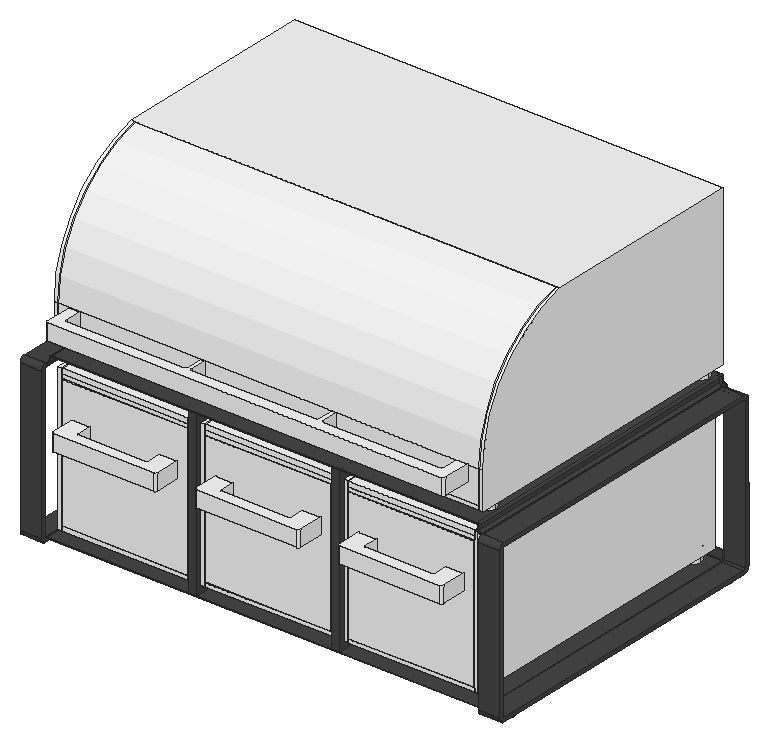
Revit family "QF_Vollrath_NBCBB33F-06", category Specialty Equipment, Revit 2016
Family settings
  Part Type = Normal
  Round Connector Dimension = Use Diameter
  OmniClass Number = 23.40.40.00
  OmniClass Title = Food Service Equipment and Furnishings
  Work Plane-Based = Yes
  Always vertical = Yes
  Cut with Voids When Loaded = No
  Shared = No
  Room Calculation Point = No
Parameters
  Width = 22 3/8"
  Weight in Pounds = 0
  Watermarked By = ""
  URL Cutsheet = ""
  Specification by User [instance] = ""
  Specification by Manufacturer [instance] = ""
  Serial Number [instance] = ""
  Revision Code [instance] = ""
  NAFEM Spec ID Number [instance] = ""
  Model = "NBCBB33F-06"
  Masterspec [instance] = ""
  Manufacturer = "Vollrath"
  Item Number [instance] = "-"
  Installed By [instance] = ""
  Height = 7 7/8"
  Furnished By [instance] = ""
  Foodservice Equipment Identifier = yes
  Description = "Set 1 Nose Case & 1 - 3 Full Drawer with Frame"
  Depth = 14 1/2"
  Default Elevation = 48"
  CSI MasterFormat = ""
Reference planes (in)
  plane 1 "BACK": y = 0
  plane 2 "BOTTOM": z = 0
  plane 3 "LEFT": x = -16.56573
  plane 4 "RIGHT": x = 5.80927
  plane 5 "Front Inner": y = -14.5
  plane 6 "Bottom of Body": z = 0.16
  plane 7 "TOP": z = 8.035
  plane 8: z = 5.305
  plane 9 "Bottom Handle": z = 4.555
  plane 10 "Caster Left": x = -16.06573
  plane 11 "Caster Right": x = 5.30927
  plane 12 "Caster Back": y = -0.75
  plane 13 "Caster Front": y = -13.5
  plane 14 "Center LR": x = -5.37823
  plane 15 "L1": x = -15.56573
  plane 16: x = 4.80927
  plane 17: z = 0.25
  plane 18: z = 15.79
Forms (in)
  Blend 1, solid, material "QF_Plastic-White-Transparent"
    base sketch origin (0, 0, 0) x (1, 0, 0) y (0, 1, 0)
      loop
        circle (-16.06573, -0.75) r 0.35
    top sketch origin (0, 0, 0) x (1, 0, 0) y (0, 1, 0)
      loop
        circle (-16.06573, -0.75) r 0.38
    from 0 to 0.16
  Blend 2, solid, material "QF_Plastic-White-Transparent"
    base sketch origin (0, 0, 0) x (1, 0, 0) y (0, 1, 0)
      loop
        circle (5.30927, -0.75) r 0.35
    top sketch origin (0, 0, 0) x (1, 0, 0) y (0, 1, 0)
      loop
        circle (5.30927, -0.75) r 0.38
    from 0 to 0.16
  Blend 3, solid, material "QF_Plastic-White-Transparent"
    base sketch origin (0, 0, 0) x (1, 0, 0) y (0, 1, 0)
      loop
        circle (-16.06573, -13.5) r 0.35
    top sketch origin (0, 0, 0) x (1, 0, 0) y (0, 1, 0)
      loop
        circle (-16.06573, -13.5) r 0.38
    from 0 to 0.16
  Blend 4, solid, material "QF_Plastic-White-Transparent"
    base sketch origin (0, 0, 0) x (1, 0, 0) y (0, 1, 0)
      loop
        circle (5.30927, -13.5) r 0.35
    top sketch origin (0, 0, 0) x (1, 0, 0) y (0, 1, 0)
      loop
        circle (5.30927, -13.5) r 0.38
    from 0 to 0.16
  Extrusion 5, solid, material "QF_Steel-Paint Finish-Black"
    sketch origin (-16.56573, 0, 0) x (0, 1, 0) y (0, 0, 1)
      loop
        arc (-0.25, 0.16) -> (-0.07322, 0.23322) -> (0, 0.41) r 0.25
        line (0, 0.41) -> (0, 7.41)
        arc (0, 7.41) -> (-0.07322, 7.58678) -> (-0.25, 7.66) r 0.25
        line (-0.25, 7.66) -> (-14.25, 7.66)
        arc (-14.25, 7.66) -> (-14.42678, 7.58678) -> (-14.5, 7.41) r 0.25
        line (-14.5, 7.41) -> (-14.5, 0.41)
        arc (-14.5, 0.41) -> (-14.42678, 0.23322) -> (-14.25, 0.16) r 0.25
        line (-14.25, 0.16) -> (-0.25, 0.16)
      loop
        arc (-0.17187, 7.41) -> (-0.19476, 7.46524) -> (-0.25, 7.48813) r 0.07813
        line (-0.25, 7.48813) -> (-14.25, 7.48813)
        arc (-14.25, 7.48813) -> (-14.30524, 7.46524) -> (-14.32813, 7.41) r 0.07813
        line (-14.32813, 7.41) -> (-14.32813, 0.41)
        arc (-14.32813, 0.41) -> (-14.30524, 0.35476) -> (-14.25, 0.33187) r 0.07813
        line (-14.25, 0.33187) -> (-0.25, 0.33187)
        arc (-0.25, 0.33187) -> (-0.19476, 0.35476) -> (-0.17187, 0.41) r 0.07813
        line (-0.17187, 0.41) -> (-0.17187, 7.41)
    from 0 to 1
  Extrusion 6, solid, material "QF_Steel-Paint Finish-Black"
    sketch origin (5.80927, 0, 0) x (0, 1, 0) y (0, 0, 1)
      loop
        line (-14.25, 0.16) -> (-0.25, 0.16)
        arc (-0.25, 0.16) -> (-0.07322, 0.23322) -> (0, 0.41) r 0.25
        line (0, 0.41) -> (0, 7.41)
        arc (0, 7.41) -> (-0.07322, 7.58678) -> (-0.25, 7.66) r 0.25
        line (-0.25, 7.66) -> (-14.25, 7.66)
        arc (-14.25, 7.66) -> (-14.42678, 7.58678) -> (-14.5, 7.41) r 0.25
        line (-14.5, 7.41) -> (-14.5, 0.41)
        arc (-14.5, 0.41) -> (-14.42678, 0.23322) -> (-14.25, 0.16) r 0.25
      loop
        line (-14.25, 0.33187) -> (-0.25, 0.33187)
        arc (-0.25, 0.33187) -> (-0.19476, 0.35476) -> (-0.17188, 0.41) r 0.07813
        line (-0.17188, 0.41) -> (-0.17188, 7.41)
        arc (-0.17188, 7.41) -> (-0.19476, 7.46524) -> (-0.25, 7.48813) r 0.07813
        line (-0.25, 7.48813) -> (-14.25, 7.48813)
        arc (-14.25, 7.48813) -> (-14.30524, 7.46524) -> (-14.32812, 7.41) r 0.07813
        line (-14.32812, 7.41) -> (-14.32812, 0.41)
        arc (-14.32812, 0.41) -> (-14.30524, 0.35476) -> (-14.25, 0.33187) r 0.07813
    from 0 to -1
  Extrusion 7, solid, material "QF_Steel-Paint Finish-Black"
    sketch origin (-15.56573, 0, 0) x (0, 1, 0) y (0, 0, 1)
      loop
        arc (-0.25, 0.33187) -> (-0.19476, 0.35476) -> (-0.17187, 0.41) r 0.07813
        line (-0.17187, 0.41) -> (-0.17187, 0.83187) -> (-0.21187, 0.83187) -> (-0.21187, 0.41)
        arc (-0.21187, 0.41) -> (-0.22304, 0.38304) -> (-0.25, 0.37187) r 0.03813
        line (-0.25, 0.37187) -> (-14.25, 0.37187) -> (-14.25, 0.33187) -> (-0.25, 0.33187)
    from 0 to 20.375
  Extrusion 8, solid, material "QF_Steel-Paint Finish-Black"
    sketch origin (0, 0, 0) x (1, 0, 0) y (0, 0, 1)
      loop
        arc (-15.29573, 8.035) -> (-15.36644, 8.00571) -> (-15.39573, 7.935) r 0.1
        line (-15.39573, 7.935) -> (-15.39573, 7.76)
        arc (-15.39573, 7.76) -> (-15.42501, 7.68929) -> (-15.49573, 7.66) r 0.1
        line (-15.49573, 7.66) -> (-15.56573, 7.66) -> (-15.56573, 7.62) -> (-15.49573, 7.62)
        arc (-15.49573, 7.62) -> (-15.39673, 7.66101) -> (-15.35573, 7.76) r 0.14
        line (-15.35573, 7.76) -> (-15.35573, 7.935)
        arc (-15.35573, 7.935) -> (-15.33815, 7.97743) -> (-15.29573, 7.995) r 0.06
        line (-15.29573, 7.995) -> (4.53927, 7.995)
        arc (4.53927, 7.995) -> (4.5817, 7.97743) -> (4.59927, 7.935) r 0.06
        line (4.59927, 7.935) -> (4.59927, 7.76)
        arc (4.59927, 7.76) -> (4.64028, 7.66101) -> (4.73927, 7.62) r 0.14
        line (4.73927, 7.62) -> (4.80927, 7.62) -> (4.80927, 7.66) -> (4.73927, 7.66)
        arc (4.73927, 7.66) -> (4.66856, 7.68929) -> (4.63927, 7.76) r 0.1
        line (4.63927, 7.76) -> (4.63927, 7.935)
        arc (4.63927, 7.935) -> (4.60999, 8.00571) -> (4.53927, 8.035) r 0.1
        line (4.53927, 8.035) -> (-15.29573, 8.035)
    from 0.25 to 14.25
  Extrusion 9, solid, material "QF_Steel-Paint Finish-Black"
    sketch origin (-15.56573, 0, 0) x (0, 1, 0) y (0, 0, 1)
      loop
        line (-0.25, 8.035) -> (-0.25, 7.995) -> (-0.04, 7.995) -> (-0.04, 7.535) -> (0, 7.535) -> (0, 7.997)
        arc (0, 7.997) -> (-0.01113, 8.02387) -> (-0.038, 8.035) r 0.038
        line (-0.038, 8.035) -> (-0.25, 8.035)
    from 0 to 20.375
  Extrusion 10, void
    sketch origin (0, 0, 0) x (1, 0, 0) y (0, 0, 1)
      loop
        arc (-15.49573, 7.66) -> (-15.42501, 7.68929) -> (-15.39573, 7.76) r 0.1
        line (-15.39573, 7.76) -> (-15.39573, 7.935)
        arc (-15.39573, 7.935) -> (-15.36644, 8.00571) -> (-15.29573, 8.035) r 0.1
        line (-15.29573, 8.035) -> (-15.56573, 8.035) -> (-15.56573, 7.66) -> (-15.49573, 7.66)
      loop
        line (4.73927, 7.66) -> (4.80927, 7.66) -> (4.80927, 8.035) -> (4.53927, 8.035)
        arc (4.53927, 8.035) -> (4.60999, 8.00571) -> (4.63927, 7.935) r 0.1
        line (4.63927, 7.935) -> (4.63927, 7.76)
        arc (4.63927, 7.76) -> (4.66856, 7.68929) -> (4.73927, 7.66) r 0.1
    from 0 to 1
  Extrusion 11, solid, material "QF_Steel-Paint Finish-Black"
    sketch origin (0, -14.5, 0) x (1, 0, 0) y (0, 0, 1)
      loop
        line (-2.21323, 0.37187) -> (-1.86166, 0.37187) -> (-1.86166, 7.995) -> (-2.21323, 7.995) -> (-2.21323, 0.37187)
      loop
        line (-8.54323, 0.37187) -> (-8.54323, 7.995) -> (-8.89479, 7.995) -> (-8.89479, 0.37187) -> (-8.54323, 0.37187)
    from -0.25 to -14.32813
Cuts and joins
  Extrusion 10 cuts Extrusion 8
  Extrusion 10 cuts Extrusion 9
  joined: Extrusion 8, Extrusion 9
Lines and regions (in)
  symbolic lines
    curve 1: line (-16.56573, 0, 0) -> (5.80927, 0, 0)
    curve 2: line (-16.56573, -14.5, 0) -> (-16.56573, 0, 0)
    curve 3: line (5.80927, 0, 0) -> (5.80927, -14.5, 0)
    curve 6: line (-16.56573, -14.5, 0) -> (-15.56573, -14.5, 0)
    curve 7: line (5.80927, -14.5, 0) -> (4.80927, -14.5, 0)
  symbolic lines, style "QF_Details_Surface"
    curve 4: line (-15.56573, -14.5, 0) -> (-15.56573, 0, 0)
    curve 5: line (4.80927, 0, 0) -> (4.80927, -14.5, 0)
    curve 8: line (-15.56573, -14.25, 0) -> (4.80927, -14.25, 0)
Dimensions and locks (in)
  "Width": plane 3 "LEFT" to plane 4 "RIGHT"
  "Depth": plane 5 "Front Inner" to plane 1 "BACK"
  locked: plane 6 "Bottom of Body" to plane 2 "BOTTOM" at 0.16
  "Height": plane 7 "TOP" to plane 6 "Bottom of Body"
  plane 7 "TOP" to plane 8 = 2.73"
  locked: plane 8 to plane 9 "Bottom Handle" at 0.75
  locked: plane 12 "Caster Back" to plane 1 "BACK" at 0.75
  locked: plane 5 "Front Inner" to plane 13 "Caster Front" at 1
  equal spacing: plane 3 "LEFT", plane 14 "Center LR", plane 4 "RIGHT"
  locked: plane 3 "LEFT" to plane 15 "L1" at 1
  locked: plane 16 to plane 4 "RIGHT" at 1
  equal spacing: plane 3 "LEFT", plane 10 "Caster Left", plane 15 "L1"
  equal spacing: plane 16, plane 11 "Caster Right", plane 4 "RIGHT"
  locked: plane 17 to plane 2 "BOTTOM" at 0.25
  plane 15 "L1" to plane 14 "Center LR" = 10 3/16"
  plane 14 "Center LR" to plane 16 = 10 3/16"
  plane 18 to plane 2 "BOTTOM" = 15.79"
  plane 18 to plane 6 "Bottom of Body" = 15.63"
  aligned and locked: level to plane 2 "BOTTOM"
  aligned and locked: plane 6 "Bottom of Body" to Blend 1
  aligned and locked: plane 6 "Bottom of Body" to Blend 2
  aligned and locked: plane 6 "Bottom of Body" to Blend 3
  aligned and locked: plane 6 "Bottom of Body" to Blend 4
  aligned and locked: Extrusion 5 sketch curve to plane 5 "Front Inner"
  aligned and locked: Extrusion 5 sketch curve to plane 6 "Bottom of Body"
  aligned and locked: plane 1 "BACK" to Extrusion 5 sketch curve
  aligned and locked: plane 16 to Extrusion 7
  aligned and locked: plane 16 to Extrusion 8 sketch curve
  aligned and locked: plane 15 "L1" to Extrusion 8 sketch curve
  aligned and locked: plane 16 to Extrusion 9
  aligned and locked: curve 4 to Extrusion 5
  aligned and locked: curve 5 to Extrusion 6
  aligned and locked: curve 6 to Extrusion 5
  aligned and locked: curve 7 to Extrusion 6
  aligned and locked: curve 8 to Extrusion 7
  aligned and locked: Extrusion 11 sketch curve to Extrusion 7
  aligned and locked: plane 14 "Center LR" to nested 2
  aligned and locked: plane 14 "Center LR" to nested 4
Automatic sketch dimensions
  Blend 1 sketch curve to plane 10 "Caster Left" = 0"  (x2)
  plane 12 "Caster Back" to Blend 1 sketch curve = 0"  (x2)
  Blend 2 sketch curve to plane 11 "Caster Right" = 0"  (x2)
  plane 12 "Caster Back" to Blend 2 sketch curve = 0"  (x2)
  Blend 3 sketch curve to plane 10 "Caster Left" = 0"  (x2)
  plane 13 "Caster Front" to Blend 3 sketch curve = 0"  (x2)
  Blend 4 sketch curve to plane 11 "Caster Right" = 0"  (x2)
  plane 13 "Caster Front" to Blend 4 sketch curve = 0"  (x2)
  Extrusion 5 sketch curve to plane 5 "Front Inner" = 1/4"  (x2)
  plane 1 "BACK" to Extrusion 5 sketch curve = 1/4"  (x2)
  Extrusion 5 sketch curve to plane 7 "TOP" = 5/8"
  Extrusion 5 sketch curve to Extrusion 5 sketch curve = 0"  (x7)
  Extrusion 5 sketch curve to plane 5 "Front Inner" = 11/64"
  Extrusion 6 sketch curve to Extrusion 6 sketch curve = 0"  (x8)
  Extrusion 6 sketch curve to plane 5 "Front Inner" = 0"
  Extrusion 6 sketch curve to plane 6 "Bottom of Body" = 0"
  Extrusion 6 sketch curve to plane 1 "BACK" = 0"
  Extrusion 6 sketch curve to Extrusion 6 sketch curve = 11/64"
  Extrusion 6 sketch curve to plane 5 "Front Inner" = 1/4"
  Extrusion 6 sketch curve to Extrusion 6 sketch curve = 5/64"  (x2)
  plane 1 "BACK" to Extrusion 6 sketch curve = 1/4"
  Extrusion 6 sketch curve to plane 7 "TOP" = 5/8"
  Extrusion 7 sketch curve to Extrusion 7 sketch curve = 0"  (x2)
  plane 1 "BACK" to Extrusion 7 sketch curve = 1/4"
  plane 1 "BACK" to Extrusion 7 sketch curve = 0.21187"
  Extrusion 7 sketch curve to Extrusion 7 sketch curve = 0.04"
  plane 17 to Extrusion 7 sketch curve = 0.08188"
  Extrusion 7 sketch curve to Extrusion 7 sketch curve = 27/64"
  Extrusion 7 sketch curve to plane 5 "Front Inner" = 1/4"
  Extrusion 8 sketch curve to Extrusion 8 sketch curve = 0"  (x8)
  Extrusion 8 sketch curve to plane 7 "TOP" = 0"
  plane 15 "L1" to Extrusion 8 sketch curve = 0.07"
  Extrusion 8 sketch curve to Extrusion 8 sketch curve = 0.1"
  Extrusion 8 sketch curve to Extrusion 8 sketch curve = 0.04"
  Extrusion 8 sketch curve to Extrusion 8 sketch curve = 0.06"  (x2)
  Extrusion 8 sketch curve to plane 16 = 0.27"
  Extrusion 8 sketch curve to plane 16 = 0.07"
  Extrusion 8 sketch curve to Extrusion 8 sketch curve = 0.175"  (x2)
  Extrusion 9 sketch curve to plane 7 "TOP" = 0"
  Extrusion 9 sketch curve to plane 1 "BACK" = 0"
  plane 1 "BACK" to Extrusion 9 sketch curve = 0.038"
  Extrusion 9 sketch curve to Extrusion 9 sketch curve = 0.002"  (x2)
  Extrusion 9 sketch curve to Extrusion 9 sketch curve = 0.46"
  Extrusion 9 sketch curve to Extrusion 9 sketch curve = 0.212"
  Extrusion 10 sketch curve to plane 15 "L1" = 0"
  Extrusion 10 sketch curve to plane 7 "TOP" = 0"  (x3)
  Extrusion 10 sketch curve to plane 16 = 0"
  plane 15 "L1" to Extrusion 10 sketch curve = 0.07"
  Extrusion 10 sketch curve to plane 7 "TOP" = 0.1"  (x2)
  plane 15 "L1" to Extrusion 10 sketch curve = 0.17"
  Extrusion 10 sketch curve to plane 16 = 0.27"
  Extrusion 10 sketch curve to plane 16 = 0.07"
  Extrusion 10 sketch curve to Extrusion 10 sketch curve = 0.175"  (x2)
  Extrusion 10 sketch curve to Extrusion 10 sketch curve = 0"
  plane 1 "BACK" to curve 1 = 0"
  curve 1 to plane 3 "LEFT" = 0"
  curve 3 to plane 4 "RIGHT" = 0"
  plane 17 to Extrusion 11 sketch curve = 0.12187"
  Extrusion 11 sketch curve to Extrusion 11 sketch curve = 45/128"  (x2)
  Extrusion 11 sketch curve to plane 7 "TOP" = 0.04"  (x2)
  Extrusion 11 sketch curve to plane 14 "Center LR" = 3.165"
  plane 14 "Center LR" to Extrusion 11 sketch curve = 3.165"
  radius of Blend 1 sketch curve = 0.35"
  radius of Blend 1 sketch curve = 0.38"
  radius of Blend 2 sketch curve = 0.35"
  radius of Blend 2 sketch curve = 0.38"
  radius of Blend 3 sketch curve = 0.35"
  radius of Blend 3 sketch curve = 0.38"
  radius of Blend 4 sketch curve = 0.35"
  radius of Blend 4 sketch curve = 0.38"
Nested families (in)
  nested 1: "QF_Vollrath_SSB13F-06_Case" at (1.38094, -0.20813, 0.37187), type "QF_Vollrath_SSB13F-06_Case"
    with Width 6 1/4", Specification by User "", Specification by Manufacturer "", Serial Number "", Revision Code "", NAFEM Spec ID Number "", Masterspec "", Item Number "-", Installed By "", Height 6.78", Furnished By "", Depth 13.82"
  nested 2: "QF_Vollrath_SSB13F-06_Case" at (8.0625, -0.20781, 0.37187), type "QF_Vollrath_SSB13F-06_Case"
    with Width 6 1/4", Specification by User "", Specification by Manufacturer "", Serial Number "", Revision Code "", NAFEM Spec ID Number "", Masterspec "", Item Number "-", Installed By "", Height 6 25/32", Furnished By "", Depth 13 105/128"
  nested 3: "QF_Vollrath_SSB13F-06_Case" at (14.74406, -0.20781, 0.37188), type "QF_Vollrath_SSB13F-06_Case"
    with Width 6 1/4", Specification by User "", Specification by Manufacturer "", Serial Number "", Revision Code "", NAFEM Spec ID Number "", Masterspec "", Item Number "-", Installed By "", Height 6 25/32", Furnished By "", Depth 13 105/128"
  nested 4: "QF_Vollrath_ANBCF-06_Case" at (1.1875, 0, 8.035), type "QF_Vollrath_ANBCF-06_Case"
    with Specification by User "", Specification by Manufacturer "", Serial Number "", Revision Code "", NAFEM Spec ID Number "", Masterspec "", Item Number "-", Installed By "", Furnished By ""
Definition of nested family "QF_Vollrath_SSB13F-06_Case"
  Parameters
    Width [instance] = 6 3/8"
    Weight in Pounds = 0
    Watermarked By = ""
    URL Cutsheet = ""
    Specification by User [instance] = ""
    Specification by Manufacturer [instance] = ""
    Serial Number [instance] = ""
    Revision Code [instance] = ""
    NAFEM Spec ID Number [instance] = ""
    Model = ""
    Masterspec [instance] = ""
    Manufacturer = ""
    Item Number [instance] = "-"
    Installed By [instance] = ""
    Height [instance] = 6.91"
    Furnished By [instance] = ""
    Foodservice Equipment Identifier = yes
    Description = ""
    Depth [instance] = 14"
    Default Elevation = 48"
    CSI MasterFormat = ""
  Reference planes (in)
    plane 1 "BACK": y = 0
    plane 2 "BOTTOM": z = 0
    plane 3 "LEFT": x = -16.56573
    plane 4 "RIGHT": x = -10.19073
    plane 5 "Front Inner": y = -14
    plane 6 "FRONT": y = -15.2462
    plane 7 "Bottom of Body": z = 0.38
    plane 8 "TOP": z = 7.29
    plane 9: z = 5.305
    plane 10 "Bottom Handle": z = 4.555
    plane 11 "Caster Left": x = -16.00573
    plane 12 "Caster Right": x = -10.75073
    plane 13 "Caster Back": y = -0.56
    plane 14 "Caster Front": y = -13
    plane 15 "Center LR": x = -13.37823
    plane 16: x = -15.81573
    plane 17: x = -10.94073
    plane 18: x = -15.00573
    plane 19: x = -11.75073
    plane 20: y = -7
  Forms (in)
    Extrusion 1, solid
      sketch origin (0, 0, 0) x (1, 0, 0) y (0, 0, 1)
        loop
          line (-16.56573, 7.29) -> (-16.56573, 0.38) -> (-16.39573, 0.38) -> (-16.39573, 7.29) -> (-16.56573, 7.29)
      from 0 to 14
    Extrusion 2, solid
      sketch origin (0, 0, 0) x (1, 0, 0) y (0, 0, 1)
        loop
          line (-10.19073, 7.29) -> (-10.36073, 7.29) -> (-10.36073, 0.38) -> (-10.19073, 0.38) -> (-10.19073, 7.29)
      from 0 to 14
    Extrusion 3, solid
      sketch origin (0, 0, 0) x (1, 0, 0) y (0, 0, 1)
        loop
          line (-16.39573, 0.38) -> (-10.36073, 0.38) -> (-10.36073, 0.55) -> (-16.39573, 0.55) -> (-16.39573, 0.38)
      from 0 to 14
    Extrusion 4, solid
      sketch origin (0, 0, 0) x (1, 0, 0) y (0, 0, 1)
        loop
          line (-16.39573, 7.29) -> (-16.39573, 7.04) -> (-10.36073, 7.04) -> (-10.36073, 7.29) -> (-16.39573, 7.29)
      from 0 to 14
    Extrusion 5, solid
      sketch origin (0, 0, 0) x (1, 0, 0) y (0, 0, 1)
        loop
          line (-16.39573, 7.04) -> (-16.39573, 6.87) -> (-10.36073, 6.87) -> (-10.36073, 7.04) -> (-16.39573, 7.04)
      from 0 to 14
    Extrusion 6, solid
      sketch origin (0, 0, 0) x (1, 0, 0) y (0, 0, 1)
        loop
          line (-10.36073, 6.87) -> (-16.39573, 6.87) -> (-16.39573, 0.55) -> (-10.36073, 0.55) -> (-10.36073, 6.87)
      from 0 to 0.17
    Extrusion 7, solid
      sketch origin (0, -14, 0) x (1, 0, 0) y (0, 0, 1)
        loop
          arc (-10.42073, 0.58) -> (-10.39951, 0.58879) -> (-10.39073, 0.61) r 0.03
          line (-10.39073, 0.61) -> (-10.39073, 6.81)
          arc (-10.39073, 6.81) -> (-10.39951, 6.83121) -> (-10.42073, 6.84) r 0.03
          line (-10.42073, 6.84) -> (-16.33573, 6.84)
          arc (-16.33573, 6.84) -> (-16.35694, 6.83121) -> (-16.36573, 6.81) r 0.03
          line (-16.36573, 6.81) -> (-16.36573, 0.61)
          arc (-16.36573, 0.61) -> (-16.35694, 0.58879) -> (-16.33573, 0.58) r 0.03
          line (-16.33573, 0.58) -> (-10.42073, 0.58)
      from 0 to -0.17
    Extrusion 8, solid
      sketch origin (0, -14, 0) x (1, 0, 0) y (0, 0, 1)
        loop
          line (-16.36573, 4.175) -> (-16.36573, 0.61)
          arc (-16.36573, 0.61) -> (-16.35694, 0.58879) -> (-16.33573, 0.58) r 0.03
          line (-16.33573, 0.58) -> (-10.42073, 0.58)
          arc (-10.42073, 0.58) -> (-10.39951, 0.58879) -> (-10.39073, 0.61) r 0.03
          line (-10.39073, 0.61) -> (-10.39073, 4.175) -> (-10.56073, 4.175) -> (-10.56073, 0.75) -> (-16.19573, 0.75) -> (-16.19573, 4.175) -> (-16.36573, 4.175)
      from -0.17 to -13.44
    Extrusion 9, solid
      sketch origin (0, -0.56, 0) x (1, 0, 0) y (0, 0, 1)
        loop
          line (-10.39073, 4.555) -> (-16.36573, 4.555) -> (-16.36573, 0.61)
          arc (-16.36573, 0.61) -> (-16.35694, 0.58879) -> (-16.33573, 0.58) r 0.03
          line (-16.33573, 0.58) -> (-10.42073, 0.58)
          arc (-10.42073, 0.58) -> (-10.39951, 0.58879) -> (-10.39073, 0.61) r 0.03
          line (-10.39073, 0.61) -> (-10.39073, 4.555)
      from 0 to -0.17
    Extrusion 10, solid
      sketch origin (0, 0, 4.555) x (0, 1, 0) y (-1, 0, 0)
        loop
          line (-14, 15.81573) -> (-15.1462, 15.81573)
          arc (-15.1462, 15.81573) -> (-15.21691, 15.78644) -> (-15.2462, 15.71573) r 0.1
          line (-15.2462, 15.71573) -> (-15.2462, 11.04073)
          arc (-15.2462, 11.04073) -> (-15.21691, 10.97001) -> (-15.1462, 10.94073) r 0.1
          line (-15.1462, 10.94073) -> (-14, 10.94073) -> (-14, 11.75073) -> (-14.6862, 11.75073)
          arc (-14.6862, 11.75073) -> (-14.72156, 11.76537) -> (-14.7362, 11.80073) r 0.05
          line (-14.7362, 11.80073) -> (-14.7362, 14.95573)
          arc (-14.7362, 14.95573) -> (-14.72156, 14.99108) -> (-14.6862, 15.00573) r 0.05
          line (-14.6862, 15.00573) -> (-14, 15.00573) -> (-14, 15.81573)
      from 0 to 0.75
    Blend 11, solid
      base sketch origin (0, 0, 0) x (1, 0, 0) y (0, 1, 0)
        loop
          circle (-16.00573, -0.56) r 0.35
      top sketch origin (0, 0, 0) x (1, 0, 0) y (0, 1, 0)
        loop
          circle (-16.00573, -0.56) r 0.38
      from 0 to 0.38
    Blend 12, solid
      base sketch origin (0, 0, 0) x (1, 0, 0) y (0, 1, 0)
        loop
          circle (-10.75073, -0.56) r 0.35
      top sketch origin (0, 0, 0) x (1, 0, 0) y (0, 1, 0)
        loop
          circle (-10.75073, -0.56) r 0.38
      from 0 to 0.38
    Blend 13, solid
      base sketch origin (0, 0, 0) x (1, 0, 0) y (0, 1, 0)
        loop
          circle (-16.00573, -13) r 0.35
      top sketch origin (0, 0, 0) x (1, 0, 0) y (0, 1, 0)
        loop
          circle (-16.00573, -13) r 0.38
      from 0 to 0.38
    Blend 14, solid
      base sketch origin (0, 0, 0) x (1, 0, 0) y (0, 1, 0)
        loop
          circle (-10.75073, -13) r 0.35
      top sketch origin (0, 0, 0) x (1, 0, 0) y (0, 1, 0)
        loop
          circle (-10.75073, -13) r 0.38
      from 0 to 0.38
  Lines and regions (in)
    symbolic lines
      curve 1: line (-16.56573, 0, 0) -> (-10.19073, 0, 0)
      curve 2: line (-16.56573, -14, 0) -> (-16.56573, 0, 0)
      curve 3: line (-10.19073, -14, 0) -> (-16.56573, -14, 0)
      curve 4: line (-10.19073, 0, 0) -> (-10.19073, -14, 0)
      curve 5: line (-15.71573, -15.2462, 0) -> (-11.04073, -15.2462, 0)
      curve 6: line (-11.80073, -14.7362, 0) -> (-14.95573, -14.7362, 0)
      curve 7: line (-15.00573, -14.6862, 0) -> (-15.00573, -14, 0)
      curve 8: arc (-14.95573, -14.7362, 0) -> (-14.99108, -14.72156, 0) -> (-15.00573, -14.6862, 0) r 0.05
      curve 9: arc (-11.75073, -14.6862, 0) -> (-11.76537, -14.72156, 0) -> (-11.80073, -14.7362, 0) r 0.05
      curve 10: line (-11.75073, -14, 0) -> (-11.75073, -14.6862, 0)
      curve 11: arc (-15.81573, -15.1462, 0) -> (-15.78644, -15.21691, 0) -> (-15.71573, -15.2462, 0) r 0.1
      curve 12: line (-15.81573, -14, 0) -> (-15.81573, -15.1462, 0)
      curve 13: line (-10.94073, -15.1462, 0) -> (-10.94073, -14, 0)
      curve 14: arc (-11.04073, -15.2462, 0) -> (-10.97001, -15.21691, 0) -> (-10.94073, -15.1462, 0) r 0.1
  Dimensions and locks (in)
    "Width": plane 3 "LEFT" to plane 4 "RIGHT"
    "Depth": plane 5 "Front Inner" to plane 1 "BACK"
    locked: plane 6 "FRONT" to plane 5 "Front Inner" at 1.2462
    locked: plane 7 "Bottom of Body" to plane 2 "BOTTOM" at 0.38
    "Height": plane 8 "TOP" to plane 7 "Bottom of Body"
    plane 8 "TOP" to plane 9 = 1.985"
    locked: plane 9 to plane 10 "Bottom Handle" at 0.75
    locked: plane 3 "LEFT" to plane 11 "Caster Left" at 0.56
    locked: plane 12 "Caster Right" to plane 4 "RIGHT" at 0.56
    locked: plane 13 "Caster Back" to plane 1 "BACK" at 0.56
    locked: plane 5 "Front Inner" to plane 14 "Caster Front" at 1
    locked: plane 3 "LEFT" to Extrusion 1 sketch curve at 0.17
    locked: Extrusion 2 sketch curve to plane 4 "RIGHT" at 0.17
    locked: Extrusion 3 sketch curve to plane 7 "Bottom of Body" at 0.17
    locked: plane 8 "TOP" to Extrusion 5 sketch curve at 0.42
    locked: plane 8 "TOP" to Extrusion 5 sketch curve at 0.25
    equal spacing: plane 3 "LEFT", plane 15 "Center LR", plane 4 "RIGHT"
    locked: plane 16 to plane 18 at 0.81
    locked: plane 19 to plane 17 at 0.81
    equal spacing: plane 16, plane 15 "Center LR", plane 17
    locked: plane 16 to plane 17 at 4.875
    equal spacing: plane 5 "Front Inner", plane 20, plane 1 "BACK"
    aligned and locked: level to plane 2 "BOTTOM"
    aligned and locked: Extrusion 1 sketch curve to plane 3 "LEFT"
    aligned and locked: plane 8 "TOP" to Extrusion 1 sketch curve
    aligned and locked: Extrusion 1 sketch curve to plane 7 "Bottom of Body"
    aligned and locked: Extrusion 2 sketch curve to plane 4 "RIGHT"
    aligned and locked: Extrusion 2 sketch curve to plane 7 "Bottom of Body"
    aligned and locked: plane 8 "TOP" to Extrusion 2 sketch curve
    aligned and locked: plane 5 "Front Inner" to Extrusion 1
    aligned and locked: plane 5 "Front Inner" to Extrusion 2
    aligned and locked: Extrusion 3 sketch curve to plane 7 "Bottom of Body"
    aligned and locked: Extrusion 3 sketch curve to Extrusion 1
    aligned and locked: Extrusion 3 sketch curve to Extrusion 2
    aligned and locked: Extrusion 4 sketch curve to plane 8 "TOP"
    aligned and locked: Extrusion 1 to Extrusion 4 sketch curve
    aligned and locked: Extrusion 4 sketch curve to Extrusion 2
    aligned and locked: Extrusion 1 to Extrusion 5 sketch curve
    aligned and locked: Extrusion 5 sketch curve to Extrusion 2
    aligned and locked: plane 5 "Front Inner" to Extrusion 4
    aligned and locked: plane 5 "Front Inner" to Extrusion 5
    aligned and locked: plane 5 "Front Inner" to Extrusion 3
    aligned and locked: Extrusion 6 sketch curve to Extrusion 5  (x2)
    aligned and locked: Extrusion 6 sketch curve to Extrusion 3  (x2)
    aligned and locked: Extrusion 9 sketch curve to plane 10 "Bottom Handle"
    aligned and locked: plane 5 "Front Inner" to Extrusion 10 sketch curve  (x2)
    aligned and locked: Extrusion 10 sketch curve to plane 6 "FRONT"
    aligned and locked: plane 9 to Extrusion 10
    aligned and locked: plane 7 "Bottom of Body" to Blend 11
    aligned and locked: plane 7 "Bottom of Body" to Blend 12
    aligned and locked: plane 7 "Bottom of Body" to Blend 13
    aligned and locked: plane 7 "Bottom of Body" to Blend 14
    aligned and locked: curve 1 to Extrusion 1
    aligned and locked: curve 2 to Extrusion 1
    aligned and locked: curve 3 to Extrusion 2
    aligned and locked: curve 4 to Extrusion 2
    aligned and locked: Extrusion 10 to curve 5
    aligned and locked: curve 6 to Extrusion 10
    aligned and locked: curve 7 to Extrusion 10
    aligned and locked: curve 10 to Extrusion 10
    aligned and locked: Extrusion 10 sketch curve to plane 16
    aligned and locked: Extrusion 10 sketch curve to plane 18
    aligned and locked: Extrusion 10 sketch curve to plane 17
    aligned and locked: Extrusion 10 sketch curve to plane 19
  Automatic sketch dimensions
    Extrusion 4 sketch curve to Extrusion 4 sketch curve = 1/4"
    plane 3 "LEFT" to Extrusion 7 sketch curve = 0.2"
    Extrusion 7 sketch curve to Extrusion 7 sketch curve = 0.03"  (x3)
    Extrusion 7 sketch curve to plane 4 "RIGHT" = 0.23"  (x2)
    plane 7 "Bottom of Body" to Extrusion 7 sketch curve = 0.2"
    Extrusion 7 sketch curve to plane 8 "TOP" = 0.48"
    plane 3 "LEFT" to Extrusion 8 sketch curve = 0.2"
    Extrusion 8 sketch curve to Extrusion 8 sketch curve = 0.03"  (x2)
    Extrusion 8 sketch curve to plane 11 "Caster Left" = 0.19"
    plane 12 "Caster Right" to Extrusion 8 sketch curve = 0.19"
    Extrusion 8 sketch curve to Extrusion 8 sketch curve = 0.14"  (x2)
    plane 7 "Bottom of Body" to Extrusion 8 sketch curve = 0.2"
    Extrusion 8 sketch curve to plane 10 "Bottom Handle" = 0.38"  (x2)
    plane 3 "LEFT" to Extrusion 9 sketch curve = 0.2"
    Extrusion 9 sketch curve to plane 4 "RIGHT" = 0.2"
    plane 7 "Bottom of Body" to Extrusion 9 sketch curve = 0.23"
    Extrusion 9 sketch curve to Extrusion 9 sketch curve = 0.03"  (x2)
    Extrusion 10 sketch curve to plane 6 "FRONT" = 0.1"  (x2)
    Extrusion 10 sketch curve to plane 6 "FRONT" = 0.51"
    Extrusion 10 sketch curve to Extrusion 10 sketch curve = 0.05"  (x2)
    Blend 11 sketch curve to plane 11 "Caster Left" = 0"  (x2)
    plane 13 "Caster Back" to Blend 11 sketch curve = 0"  (x2)
    Blend 12 sketch curve to plane 12 "Caster Right" = 0"  (x2)
    plane 13 "Caster Back" to Blend 12 sketch curve = 0"  (x2)
    Blend 13 sketch curve to plane 11 "Caster Left" = 0"  (x2)
    plane 14 "Caster Front" to Blend 13 sketch curve = 0"  (x2)
    Blend 14 sketch curve to plane 12 "Caster Right" = 0"  (x2)
    plane 14 "Caster Front" to Blend 14 sketch curve = 0"  (x2)
    curve 12 to curve 5 = 0.1"
    curve 6 to curve 10 = 0.05"
    curve 5 to curve 14 = 0.1"
    curve 6 to curve 8 = 0.05"
    curve 12 to plane 16 = 0"
    curve 13 to plane 17 = 0"
    radius of Blend 11 sketch curve = 0.35"
    radius of Blend 11 sketch curve = 0.38"
    radius of Blend 12 sketch curve = 0.35"
    radius of Blend 12 sketch curve = 0.38"
    radius of Blend 13 sketch curve = 0.35"
    radius of Blend 13 sketch curve = 0.38"
    radius of Blend 14 sketch curve = 0.35"
    radius of Blend 14 sketch curve = 0.38"
Definition of nested family "QF_Vollrath_ANBCF-06_Case"
  Parameters
    Width = 20"
    Weight in Pounds = 0
    Watermarked By = ""
    URL Cutsheet = ""
    Specification by User [instance] = ""
    Specification by Manufacturer [instance] = ""
    Serial Number [instance] = ""
    Revision Code [instance] = ""
    NAFEM Spec ID Number [instance] = ""
    Model = "NBC11"
    Masterspec [instance] = ""
    Manufacturer = "Vollrath"
    Item Number [instance] = "-"
    Installed By [instance] = ""
    Height = 7 3/8"
    Furnished By [instance] = ""
    Foodservice Equipment Identifier = yes
    Description = "Full Size Nose Case with Front Door"
    Depth = 14"
    Default Elevation = 48"
    CSI MasterFormat = ""
  Reference planes (in)
    plane 1 "BACK": y = 0
    plane 2 "BOTTOM": z = 0
    plane 3 "LEFT": x = -16.56573
    plane 4 "RIGHT": x = 3.43427
    plane 5 "Front Inner": y = -14
    plane 6 "Bottom of Body": z = 0.38
    plane 7 "TOP": z = 7.755
    plane 8 "Caster Left": x = -16.00573
    plane 9 "Caster Right": x = 2.87427
    plane 10 "Caster Back": y = -0.56
    plane 11 "Caster Front": y = -13
    plane 12 "Center LR": x = -6.56573
    plane 13: x = -15.31573
    plane 14 "Bottom Handle": z = 1.38
    plane 15: z = 2.13
    plane 16: y = -15.37
  Forms (in)
    Extrusion 1, solid
      sketch origin (0, 0, 0) x (1, 0, 0) y (0, 0, 1)
        loop
          line (-16.39573, 0.38) -> (3.26427, 0.38) -> (3.26427, 0.55) -> (-16.39573, 0.55) -> (-16.39573, 0.38)
      from 0 to 14
    Extrusion 2, solid
      sketch origin (0, 0, 0) x (1, 0, 0) y (0, 0, 1)
        loop
          line (3.26427, 7.505) -> (-16.39573, 7.505) -> (-16.39573, 0.55) -> (3.26427, 0.55) -> (3.26427, 7.505)
      from 0 to 0.17
    Blend 3, solid
      base sketch origin (0, 0, 0) x (1, 0, 0) y (0, 1, 0)
        loop
          circle (-16.00573, -0.56) r 0.35
      top sketch origin (0, 0, 0) x (1, 0, 0) y (0, 1, 0)
        loop
          circle (-16.00573, -0.56) r 0.38
      from 0 to 0.38
    Blend 4, solid
      base sketch origin (0, 0, 0) x (1, 0, 0) y (0, 1, 0)
        loop
          circle (2.87427, -0.56) r 0.35
      top sketch origin (0, 0, 0) x (1, 0, 0) y (0, 1, 0)
        loop
          circle (2.87427, -0.56) r 0.38
      from 0 to 0.38
    Blend 5, solid
      base sketch origin (0, 0, 0) x (1, 0, 0) y (0, 1, 0)
        loop
          circle (-16.00573, -13) r 0.35
      top sketch origin (0, 0, 0) x (1, 0, 0) y (0, 1, 0)
        loop
          circle (-16.00573, -13) r 0.38
      from 0 to 0.38
    Blend 6, solid
      base sketch origin (0, 0, 0) x (1, 0, 0) y (0, 1, 0)
        loop
          circle (2.87427, -13) r 0.35
      top sketch origin (0, 0, 0) x (1, 0, 0) y (0, 1, 0)
        loop
          circle (2.87427, -13) r 0.38
      from 0 to 0.38
    Extrusion 7, solid
      sketch origin (-16.56573, 0, 0) x (0, 1, 0) y (0, 0, 1)
        loop
          line (-14, 0.38) -> (0, 0.38) -> (0, 7.755) -> (-9.5, 7.755)
          arc (-9.5, 7.755) -> (-12.73657, 5.73176) -> (-14, 2.13) r 5.76562
          line (-14, 2.13) -> (-14, 0.38)
      from 0 to 0.17188
    Extrusion 8, solid
      sketch origin (3.43427, 0, 0) x (0, 1, 0) y (0, 0, 1)
        loop
          line (0, 7.755) -> (-9.5, 7.755)
          arc (-9.5, 7.755) -> (-12.73657, 5.73176) -> (-14, 2.13) r 5.76563
          line (-14, 2.13) -> (-14, 0.38) -> (0, 0.38) -> (0, 7.755)
      from 0 to -0.17188
    Extrusion 9, solid
      sketch origin (-16.56573, 0, 0) x (0, 1, 0) y (0, 0, 1)
        loop
          line (0, 7.755) -> (-9.5, 7.755) -> (-9.5, 7.505) -> (0, 7.505) -> (0, 7.755)
      from 0 to 20
    Extrusion 10, solid
      sketch origin (-16.56573, 0, 0) x (0, 1, 0) y (0, 0, 1)
        loop
          arc (-9.5, 7.755) -> (-12.73657, 5.73176) -> (-14, 2.13) r 5.76562
          line (-14, 2.13) -> (-14, 0.55) -> (-13.82813, 0.55) -> (-13.82813, 2.13)
          arc (-13.82813, 2.13) -> (-12.61442, 5.60926) -> (-9.5, 7.57869) r 5.59375
          line (-9.5, 7.57869) -> (-9.5, 7.755)
      from 0.17 to 19.83
    Extrusion 11, solid
      sketch origin (0, 0, 1.38) x (0, 1, 0) y (-1, 0, 0)
        loop
          arc (-15.37, -2.63271) -> (-15.34025, -2.70453) -> (-15.26844, -2.73427) r 0.10156
          line (-15.26844, -2.73427) -> (-14, -2.73427) -> (-14, -2.23427) -> (-14.76844, -2.23427)
          arc (-14.76844, -2.23427) -> (-14.84025, -2.20453) -> (-14.87, -2.13271) r 0.10156
          line (-14.87, -2.13271) -> (-14.87, 3.3126)
          arc (-14.87, 3.3126) -> (-14.84025, 3.38442) -> (-14.76844, 3.41416) r 0.10156
          line (-14.76844, 3.41416) -> (-14, 3.41416) -> (-14, 3.58604) -> (-14.76844, 3.58604)
          arc (-14.76844, 3.58604) -> (-14.84025, 3.61578) -> (-14.87, 3.6876) r 0.10156
          line (-14.87, 3.6876) -> (-14.87, 9.44385)
          arc (-14.87, 9.44385) -> (-14.84025, 9.51567) -> (-14.76844, 9.54541) r 0.10156
          line (-14.76844, 9.54541) -> (-14, 9.54541) -> (-14, 9.71729) -> (-14.76844, 9.71729)
          arc (-14.76844, 9.71729) -> (-14.84025, 9.74703) -> (-14.87, 9.81885) r 0.10156
          line (-14.87, 9.81885) -> (-14.87, 15.26416)
          arc (-14.87, 15.26416) -> (-14.84025, 15.33598) -> (-14.76844, 15.36573) r 0.10156
          line (-14.76844, 15.36573) -> (-14, 15.36573) -> (-14, 15.86573) -> (-15.26844, 15.86573)
          arc (-15.26844, 15.86573) -> (-15.34025, 15.83598) -> (-15.37, 15.76416) r 0.10156
          line (-15.37, 15.76416) -> (-15.37, -2.63271)
      from 0 to 0.75
  Cuts and joins
    joined: Extrusion 7, Extrusion 8, Extrusion 9
  Lines and regions (in)
    symbolic lines
      curve 1: line (-16.56573, 0, 0) -> (3.43427, 0, 0)
      curve 2: line (-16.56573, -14, 0) -> (-16.56573, 0, 0)
      curve 3: line (3.43427, -14, 0) -> (-16.56573, -14, 0)
      curve 4: line (3.43427, 0, 0) -> (3.43427, -14, 0)
      curve 5: line (-15.86573, -14, 1.38) -> (-15.86573, -15.26844, 1.38)
      curve 6: arc (-15.86573, -15.26844, 1.38) -> (-15.83598, -15.34025, 1.38) -> (-15.76416, -15.37, 1.38) r 0.10156
      curve 7: line (-15.76416, -15.37, 1.38) -> (2.63271, -15.37, 1.38)
      curve 8: arc (2.63271, -15.37, 1.38) -> (2.70453, -15.34025, 1.38) -> (2.73427, -15.26844, 1.38) r 0.10156
      curve 9: line (2.73427, -15.26844, 1.38) -> (2.73427, -14, 1.38)
      curve 10: line (2.23427, -14, 1.38) -> (2.23427, -14.76844, 1.38)
      curve 11: arc (2.23427, -14.76844, 1.38) -> (2.20453, -14.84025, 1.38) -> (2.13271, -14.87, 1.38) r 0.10156
      curve 12: line (2.13271, -14.87, 1.38) -> (-3.3126, -14.87, 1.38)
      curve 13: arc (-3.3126, -14.87, 1.38) -> (-3.38442, -14.84025, 1.38) -> (-3.41416, -14.76844, 1.38) r 0.10156
      curve 14: line (-3.41416, -14.76844, 1.38) -> (-3.41416, -14, 1.38)
      curve 15: line (-3.58604, -14, 1.38) -> (-3.58604, -14.76844, 1.38)
      curve 16: arc (-3.58604, -14.76844, 1.38) -> (-3.61578, -14.84025, 1.38) -> (-3.6876, -14.87, 1.38) r 0.10156
      curve 17: line (-3.6876, -14.87, 1.38) -> (-9.44385, -14.87, 1.38)
      curve 18: arc (-9.44385, -14.87, 1.38) -> (-9.51567, -14.84025, 1.38) -> (-9.54541, -14.76844, 1.38) r 0.10156
      curve 19: line (-9.54541, -14.76844, 1.38) -> (-9.54541, -14, 1.38)
      curve 20: line (-9.71729, -14, 1.38) -> (-9.71729, -14.76844, 1.38)
      curve 21: arc (-9.71729, -14.76844, 1.38) -> (-9.74703, -14.84025, 1.38) -> (-9.81885, -14.87, 1.38) r 0.10156
      curve 22: line (-9.81885, -14.87, 1.38) -> (-15.26416, -14.87, 1.38)
      curve 23: arc (-15.26416, -14.87, 1.38) -> (-15.33598, -14.84025, 1.38) -> (-15.36573, -14.76844, 1.38) r 0.10156
      curve 24: line (-15.36573, -14.76844, 1.38) -> (-15.36573, -14, 1.38)
  Dimensions and locks (in)
    "Width": plane 3 "LEFT" to plane 4 "RIGHT"
    "Depth": plane 5 "Front Inner" to plane 1 "BACK"
    locked: plane 6 "Bottom of Body" to plane 2 "BOTTOM" at 0.38
    "Height": plane 7 "TOP" to plane 6 "Bottom of Body"
    locked: plane 3 "LEFT" to plane 8 "Caster Left" at 0.56
    locked: plane 9 "Caster Right" to plane 4 "RIGHT" at 0.56
    locked: plane 10 "Caster Back" to plane 1 "BACK" at 0.56
    locked: plane 5 "Front Inner" to plane 11 "Caster Front" at 1
    locked: Extrusion 1 sketch curve to plane 6 "Bottom of Body" at 0.17
    equal spacing: plane 3 "LEFT", plane 12 "Center LR", plane 4 "RIGHT"
    locked: plane 15 to plane 14 "Bottom Handle" at 0.75
    locked: plane 14 "Bottom Handle" to plane 6 "Bottom of Body" at 1
    locked: plane 16 to plane 5 "Front Inner" at 1.37
    aligned and locked: level to plane 2 "BOTTOM"
    aligned and locked: Extrusion 1 sketch curve to plane 6 "Bottom of Body"
    aligned and locked: plane 5 "Front Inner" to Extrusion 1
    aligned and locked: Extrusion 2 sketch curve to Extrusion 1  (x2)
    aligned and locked: plane 6 "Bottom of Body" to Blend 3
    aligned and locked: plane 6 "Bottom of Body" to Blend 4
    aligned and locked: plane 6 "Bottom of Body" to Blend 5
    aligned and locked: plane 6 "Bottom of Body" to Blend 6
    aligned and locked: plane 1 "BACK" to Extrusion 7 sketch curve
    aligned and locked: Extrusion 7 sketch curve to plane 7 "TOP"
    aligned and locked: plane 5 "Front Inner" to Extrusion 7 sketch curve
    aligned and locked: plane 6 "Bottom of Body" to Extrusion 7 sketch curve
    aligned and locked: Extrusion 9 sketch curve to plane 7 "TOP"
    aligned and locked: Extrusion 9 sketch curve to plane 1 "BACK"
    aligned and locked: plane 4 "RIGHT" to Extrusion 9
    aligned and locked: Extrusion 1 to Extrusion 10 sketch curve
    aligned and locked: Extrusion 10 sketch curve to plane 5 "Front Inner"
    aligned and locked: plane 15 to Extrusion 11
    aligned and locked: curve 5 to Extrusion 11
    aligned and locked: curve 7 to Extrusion 11
    aligned and locked: curve 9 to Extrusion 11
    aligned and locked: curve 10 to Extrusion 11
    aligned and locked: curve 12 to Extrusion 11
    aligned and locked: curve 14 to Extrusion 11
    aligned and locked: curve 15 to Extrusion 11
    aligned and locked: curve 17 to Extrusion 11
    aligned and locked: curve 19 to Extrusion 11
    aligned and locked: curve 20 to Extrusion 11
    aligned and locked: curve 22 to Extrusion 11
    aligned and locked: curve 24 to Extrusion 11
  Automatic sketch dimensions
    Blend 3 sketch curve to plane 8 "Caster Left" = 0"  (x2)
    plane 10 "Caster Back" to Blend 3 sketch curve = 0"  (x2)
    Blend 4 sketch curve to plane 9 "Caster Right" = 0"  (x2)
    plane 10 "Caster Back" to Blend 4 sketch curve = 0"  (x2)
    Blend 5 sketch curve to plane 8 "Caster Left" = 0"  (x2)
    plane 11 "Caster Front" to Blend 5 sketch curve = 0"  (x2)
    Blend 6 sketch curve to plane 9 "Caster Right" = 0"  (x2)
    plane 11 "Caster Front" to Blend 6 sketch curve = 0"  (x2)
    Extrusion 2 sketch curve to plane 4 "RIGHT" = 0.17"
    Extrusion 2 sketch curve to plane 7 "TOP" = 1/4"
    plane 3 "LEFT" to Extrusion 1 sketch curve = 0.17"
    curve 3 to plane 3 "LEFT" = 0"
    plane 1 "BACK" to curve 2 = 0"
    Extrusion 1 sketch curve to plane 4 "RIGHT" = 0.17"
    curve 3 to plane 4 "RIGHT" = 0"
    plane 5 "Front Inner" to curve 3 = 0"
    Extrusion 7 sketch curve to plane 11 "Caster Front" = 3 1/2"
    plane 6 "Bottom of Body" to Extrusion 7 sketch curve = 1 3/4"
    Extrusion 8 sketch curve to plane 5 "Front Inner" = 0"
    Extrusion 8 sketch curve to plane 7 "TOP" = 0"
    Extrusion 8 sketch curve to plane 1 "BACK" = 0"
    Extrusion 8 sketch curve to plane 6 "Bottom of Body" = 0"
    plane 6 "Bottom of Body" to Extrusion 8 sketch curve = 1 3/4"
    Extrusion 8 sketch curve to Extrusion 8 sketch curve = 5 49/64"
    Extrusion 9 sketch curve to plane 7 "TOP" = 1/4"
    Extrusion 9 sketch curve to plane 11 "Caster Front" = 3 1/2"
    Extrusion 10 sketch curve to Extrusion 10 sketch curve = 0"  (x2)
    Extrusion 10 sketch curve to plane 7 "TOP" = 0"
    Extrusion 10 sketch curve to plane 5 "Front Inner" = 11/64"
    Extrusion 10 sketch curve to plane 11 "Caster Front" = 3 1/2"
    plane 6 "Bottom of Body" to Extrusion 10 sketch curve = 1 3/4"
    plane 16 to Extrusion 11 sketch curve = 0"
    plane 5 "Front Inner" to Extrusion 11 sketch curve = 0"  (x4)
    Extrusion 11 sketch curve to Extrusion 11 sketch curve = 13/128"  (x7)
    Extrusion 11 sketch curve to plane 16 = 13/128"
    Extrusion 11 sketch curve to plane 16 = 1/2"  (x2)
    Extrusion 11 sketch curve to Extrusion 11 sketch curve = 0"
    Extrusion 11 sketch curve to plane 13 = 0.05"
    Extrusion 11 sketch curve to plane 12 "Center LR" = 3.25313"
    Extrusion 11 sketch curve to Extrusion 11 sketch curve = 11/64"  (x2)
    plane 12 "Center LR" to Extrusion 11 sketch curve = 2.87813"
    Extrusion 11 sketch curve to plane 9 "Caster Right" = 0.74156"
    Extrusion 11 sketch curve to plane 9 "Caster Right" = 0.24156"
    plane 8 "Caster Left" to Extrusion 11 sketch curve = 0.24156"
    plane 5 "Front Inner" to curve 5 = 0"
    curve 5 to plane 16 = 13/128"
    curve 8 to curve 8 = 13/128"
    plane 5 "Front Inner" to curve 9 = 0"
    plane 5 "Front Inner" to curve 10 = 0"
    curve 10 to curve 11 = 13/128"
    plane 5 "Front Inner" to curve 14 = 0"
    plane 5 "Front Inner" to curve 15 = 0"
    curve 15 to curve 13 = 0"
    curve 15 to curve 16 = 13/128"
    plane 5 "Front Inner" to curve 19 = 0"
    plane 5 "Front Inner" to curve 20 = 0"
    curve 20 to curve 18 = 0"
    curve 20 to curve 21 = 13/128"
    plane 13 to curve 22 = 0.05156"
    plane 5 "Front Inner" to curve 24 = 0"
    radius of Blend 3 sketch curve = 0.35"
    radius of Blend 3 sketch curve = 0.38"
    radius of Blend 4 sketch curve = 0.35"
    radius of Blend 4 sketch curve = 0.38"
    radius of Blend 5 sketch curve = 0.35"
    radius of Blend 5 sketch curve = 0.38"
    radius of Blend 6 sketch curve = 0.35"
    radius of Blend 6 sketch curve = 0.38"
